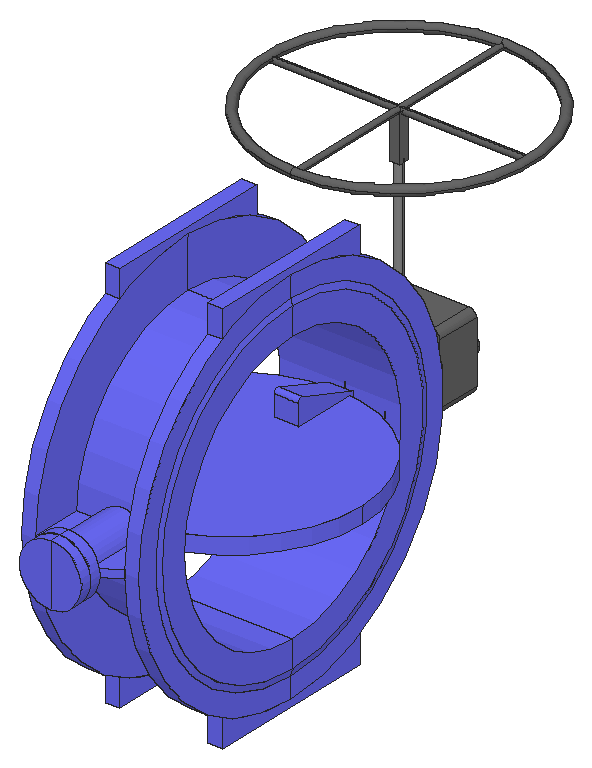
Revit family "756-218-005 DN150-600", category Pipe Accessories, Revit 2022
Family settings
  Round Connector Dimension = Use Diameter
  Part Type = Valve - Breaks Into
  Work Plane-Based = No
  Always vertical = Yes
  Cut with Voids When Loaded = No
  Shared = No
Parameters (values of type "DN600_PN16")
  total_dik_Dia = size_lookup(Search_table, "total_dik_Dia", 0 mm, DN)  # 583 mm
  shaft_path = (D / 2) - Handwheel_dim2  # 290.308 mm
  raised_R1 = Raised_R * 1.04  # 374.4 mm
  location = (L / 2) * 0.3  # 40.05 mm
  handwheel_dim1 = Handwheet_shaft * 0.7  # 6.168 mm
  gearbox_dim2 = Gearbox_Sitting_OD / 2.5  # 35.244 mm
  dist_Extr = L * 0.1  # 26.7 mm
  disk_dim4 = Disk_T * 1.2  # 21.6 mm
  disk_dim3 = disk_dim2 * 0.3  # 18.9 mm
  disk_dim2 = Disk_T * 3.5  # 63 mm
  disk_dim1 = Bore / 2  # 150.025 mm
  W55 = W5 * 0.8  # 368.8 mm
  W5 = size_lookup(Search_table, "W5", 0 mm, DN)  # 461 mm
  W4 = size_lookup(Search_table, "W4", 0 mm, DN)  # 518 mm
  W3 = size_lookup(Search_table, "W3", 0 mm, DN)  # 512 mm
  W23 = W22 * 0.9  # 422.64 mm
  W22 = W2 * 0.8  # 469.6 mm
  W2-W22 = (W2 - W22) / 2  # 58.7 mm
  W2 = size_lookup(Search_table, "W2", 0 mm, DN)  # 587 mm
  W11 = W1 * 0.95  # 413.25 mm
  W1 = size_lookup(Search_table, "W1", 0 mm, DN)  # 435 mm
  URL_product_page = "https://www.avkvalves.com/P.aspx?no=7560150214018014"
  Thickness = Fillet * 0.6  # 9.516 mm
  Rib_dim2 = Rib_dim1 * 0.7  # 132.3 mm
  Rib_dim1 = OD * 0.45  # 189 mm
  Rib_H = OD * 1.1  # 462 mm
  Raised_dis = size_lookup(Search_table, "Raised_dis", 0 mm, DN)  # 4 mm
  Raised_R = size_lookup(Search_table, "Raised_R", 0 mm, DN) / 2  # 360 mm
  OD = size_lookup(Search_table, "OD", 0 mm, DN) / 2  # 420 mm
  Location1 = location * 1.35  # 54.068 mm
  L2+(L/2) = L2 + (L / 2)  # 294.5 mm
  L2 = size_lookup(Search_table, "L2", 0 mm, DN)  # 161 mm
  L1+L/2 = L1 + (L / 2)  # 288.5 mm
  L1+(L/2) = size_lookup(Search_table, "L1+L", 0 mm, DN)  # 484 mm
  L1 = size_lookup(Search_table, "L1", 0 mm, DN)  # 155 mm
  L/2 = L / 2  # 133.5 mm
  L = size_lookup(Search_table, "L", 0 mm, DN)  # 267 mm
  Handwheet_shaft = gearbox_dim2 * 0.25  # 8.811 mm
  Handwheel_dim2 = Handwheet_shaft * 1.1  # 9.692 mm
  H22 = H2 * 0.9  # 451.8 mm
  H2-H22 = H2 - H22 / 2  # 276.1 mm
  H2 = size_lookup(Search_table, "H2", 0 mm, DN)  # 502 mm
  Gearbox_od = Gearbox_Sitting_OD * 0.95  # 83.704 mm
  Gearbox_dim1 = (W2 - W22) * 0.15  # 17.61 mm
  Gearbox_Sitting_shaft = Gearbox_Sitting_OD * 0.55  # 48.461 mm
  Gearbox_Sitting_OD = L * 0.33  # 88.11 mm
  Fillet = Gearbox_Sitting_OD * 0.18  # 15.86 mm
  FL_T = size_lookup(Search_table, "FL_T", 0 mm, DN)  # 36 mm
  Disk_T1 = size_lookup(Search_table, "Disk_T1", 0 mm, DN)  # 18 mm
  Disk_T = size_lookup(Search_table, "Disk_T", 0 mm, DN)  # 18 mm
  Description_ = "AVK DOUBLE ECC. BUTTERFLY VALVE, SHORT, PN10/16"
  Default Elevation = 0 mm
  DN600_PN16 = "756-0600-2-14018014"
  DN600_PN10 = "756-0600-2-04018014"
  DN500_PN16 = "756-0500-2-14018014"
  DN500_PN10 = "756-0500-2-04018014"
  DN450_PN16 = "756-0450-2-14018014"
  DN450_PN10 = "756-0450-2-04018014"
  DN400_PN16 = "756-0400-2-14018014"
  DN400_PN10 = "756-0400-2-04018014"
  DN350_PN16 = "756-0350-2-14018014"
  DN350_PN10 = "756-0350-2-04018014"
  DN300_PN16 = "756-0300-2-14018014"
  DN300_PN10 = "756-0300-2-04018014"
  DN250_PN16 = "756-0250-2-14018014"
  DN250_PN10 = "756-0250-2-04018014"
  DN200_PN16 = "756-0200-2-14018014"
  DN200_PN10 = "756-0200-2-04018014"
  DN150_PN16 = "756-0150-2-14018014"
  DN = 600.1 mm
  Search_table = "756-218-005 DN150-600"
  D/2 = D / 2  # 300 mm
  D = size_lookup(Search_table, "D", 0 mm, DN)  # 600 mm
  Bore = DN / 2  # 300.05 mm
  82 = 84.404 mm
  40 = 40 mm  # constant formula
  3 = 3 mm  # constant formula
  20 = 20 mm  # constant formula
  2 = 2 mm  # constant formula
  15 = 15 mm  # constant formula
  10 = 10 mm  # constant formula
  1 = 1 mm  # constant formula
Types (18, lengths in mm): name | total_dik_Dia | shaft_path | raised_R1 | location | handwheel_dim1 | gearbox_dim2 | dist_Extr | disk_dim4 | disk_dim3 | disk_dim2 | disk_dim1 | W55 | W5 | W4 | W3 | W23 | W22 | W2-W22 | W2 | W11 | W1 | Thickness | Rib_dim2 | Rib_dim1 | Rib_H | Raised_dis | Raised_R | OD | Location1 | L2+(L/2) | L2 | L1+L/2 | L1+(L/2) | L1 | L/2 | L | Handwheet_shaft | Handwheel_dim2 | H22 | H2-H22 | H2 | Gearbox_od | Gearbox_dim1 | Gearbox_Sitting_shaft | Gearbox_Sitting_OD | Fillet | FL_T | Disk_T1 | Disk_T | DN | D/2 | D | Bore
  (no name) | 583 | 290.308 | 374.4 | 40.05 | 6.168 | 35.244 | 26.7 | 21.6 | 18.9 | 63 | 150.025 | 368.8 | 461 | 518 | 512 | 422.64 | 469.6 | 58.7 | 587 | 413.25 | 435 | 9.516 | 132.3 | 189 | 462 | 4 | 360 | 420 | 54.068 | 294.5 | 161 | 288.5 | 484 | 155 | 133.5 | 267 | 8.811 | 9.692 | 451.8 | 276.1 | 502 | 83.704 | 17.61 | 48.461 | 88.11 | 15.86 | 36 | 18 | 18 | 600.1 | 300 | 600 | 300.05
  DN150_PN16 | 147 | 119.918 | 109.72 | 21 | 3.234 | 18.48 | 14 | 7.2 | 6.3 | 21 | 37.5 | 220.8 | 276 | 60 | 17 | 189.36 | 210.4 | 26.3 | 263 | 147.25 | 155 | 4.99 | 44.887 | 64.125 | 156.75 | 3 | 105.5 | 142.5 | 28.35 | 76.5 | 6.5 | 70.5 | 210 | 0.5 | 70 | 140 | 4.62 | 5.082 | 180.9 | 110.55 | 201 | 43.89 | 7.89 | 25.41 | 46.2 | 8.316 | 19 | 6 | 6 | 150 | 125 | 250 | 75
  DN200_PN10 | 192 | 119.482 | 138.32 | 22.8 | 3.511 | 20.064 | 15.2 | 12 | 10.5 | 35 | 50 | 220.8 | 276 | 130 | 104 | 206.64 | 229.6 | 28.7 | 287 | 172.9 | 182 | 5.417 | 53.55 | 76.5 | 187 | 3 | 133 | 170 | 30.78 | 101 | 25 | 91 | 230 | 15 | 76 | 152 | 5.016 | 5.518 | 204.3 | 124.85 | 227 | 47.652 | 8.61 | 27.588 | 50.16 | 9.029 | 20 | 6 | 10 | 200 | 125 | 250 | 100
  DN200_PN16 | 192 | 119.482 | 138.32 | 22.8 | 3.511 | 20.064 | 15.2 | 12 | 10.5 | 35 | 50.025 | 220.8 | 276 | 130 | 104 | 206.64 | 229.6 | 28.7 | 287 | 172.9 | 182 | 5.417 | 53.55 | 76.5 | 187 | 3 | 133 | 170 | 30.78 | 101 | 25 | 91 | 230 | 15 | 76 | 152 | 5.016 | 5.518 | 204.3 | 124.85 | 227 | 47.652 | 8.61 | 27.588 | 50.16 | 9.029 | 20 | 7 | 10 | 200.1 | 125 | 250 | 100.05
  DN250_PN10 | 243 | 119.011 | 165.88 | 24.75 | 3.812 | 21.78 | 16.5 | 13.2 | 11.55 | 38.5 | 62.5 | 220.8 | 276 | 181 | 162 | 231.12 | 256.8 | 32.1 | 321 | 204.25 | 215 | 5.881 | 62.212 | 88.875 | 217.25 | 3 | 159.5 | 197.5 | 33.413 | 126.5 | 44 | 116.5 | 250 | 34 | 82.5 | 165 | 5.445 | 5.99 | 234.9 | 143.55 | 261 | 51.727 | 9.63 | 29.948 | 54.45 | 9.801 | 22 | 11 | 11 | 250 | 125 | 250 | 125
  DN250_PN16 | 243 | 119.011 | 165.88 | 24.75 | 3.812 | 21.78 | 16.5 | 13.2 | 11.55 | 38.5 | 62.525 | 220.8 | 276 | 181 | 162 | 231.12 | 256.8 | 32.1 | 321 | 204.25 | 215 | 5.881 | 63.788 | 91.125 | 222.75 | 3 | 159.5 | 202.5 | 33.413 | 126.5 | 44 | 116.5 | 250 | 34 | 82.5 | 165 | 5.445 | 5.99 | 234.9 | 143.55 | 261 | 51.727 | 9.63 | 29.948 | 54.45 | 9.801 | 22 | 11 | 11 | 250.1 | 125 | 250 | 125.05
  DN300_PN10 | 283 | 118.539 | 192.4 | 26.7 | 4.112 | 23.496 | 17.8 | 15 | 13.125 | 43.75 | 75 | 220.8 | 276 | 227 | 209 | 253.44 | 281.6 | 35.2 | 352 | 229.9 | 242 | 6.344 | 70.088 | 100.125 | 244.75 | 4 | 185 | 222.5 | 36.045 | 147 | 58 | 136 | 271 | 47 | 89 | 178 | 5.874 | 6.461 | 262.8 | 160.6 | 292 | 55.803 | 10.56 | 32.307 | 58.74 | 10.573 | 25 | 12.5 | 12.5 | 300 | 125 | 250 | 150
  DN300_PN16 | 283 | 193.539 | 192.4 | 26.7 | 4.112 | 23.496 | 17.8 | 15 | 13.125 | 43.75 | 75.025 | 244.8 | 306 | 227 | 209 | 257.76 | 286.4 | 35.8 | 358 | 229.9 | 242 | 6.344 | 72.45 | 103.5 | 253 | 4 | 185 | 230 | 36.045 | 147 | 58 | 136 | 271 | 47 | 89 | 178 | 5.874 | 6.461 | 262.8 | 160.6 | 292 | 55.803 | 10.74 | 32.307 | 58.74 | 10.573 | 25 | 12.5 | 12.5 | 300.1 | 200 | 400 | 150.05
  DN350_PN10 | 332 | 118.103 | 223.08 | 28.5 | 4.389 | 25.08 | 19 | 15 | 13.125 | 43.75 | 87.5 | 220.8 | 276 | 274 | 266 | 272.16 | 302.4 | 37.8 | 378 | 258.4 | 272 | 6.772 | 79.538 | 113.625 | 277.75 | 4 | 214.5 | 252.5 | 38.475 | 169 | 74 | 163 | 310 | 68 | 95 | 190 | 6.27 | 6.897 | 286.2 | 174.9 | 318 | 59.565 | 11.34 | 34.485 | 62.7 | 11.286 | 25 | 12.5 | 12.5 | 350 | 125 | 250 | 175
  DN350_PN16 | 332 | 193.103 | 223.08 | 28.5 | 4.389 | 25.08 | 19 | 16.2 | 14.175 | 47.25 | 87.525 | 244.8 | 306 | 274 | 266 | 275.04 | 305.6 | 38.2 | 382 | 258.4 | 272 | 6.772 | 81.9 | 117 | 286 | 4 | 214.5 | 260 | 38.475 | 169 | 74 | 163 | 310 | 68 | 95 | 190 | 6.27 | 6.897 | 286.2 | 174.9 | 318 | 59.565 | 11.46 | 34.485 | 62.7 | 11.286 | 27 | 13.5 | 13.5 | 350.1 | 200 | 400 | 175.05
  DN400_PN10 | 384 | 192.159 | 249.6 | 32.4 | 4.99 | 28.512 | 21.6 | 15 | 13.125 | 43.75 | 100 | 244.8 | 306 | 320 | 313 | 297.36 | 330.4 | 41.3 | 413 | 286.9 | 302 | 7.698 | 88.987 | 127.125 | 310.75 | 4 | 240 | 282.5 | 43.74 | 195 | 87 | 189 | 345 | 81 | 108 | 216 | 7.128 | 7.841 | 314.1 | 191.95 | 349 | 67.716 | 12.39 | 39.204 | 71.28 | 12.83 | 25 | 12.5 | 12.5 | 400 | 200 | 400 | 200
  DN400_PN16 | 384 | 192.159 | 249.6 | 32.4 | 4.99 | 28.512 | 21.6 | 16.8 | 14.7 | 49 | 100.025 | 244.8 | 306 | 320 | 313 | 297.36 | 330.4 | 41.3 | 413 | 286.9 | 302 | 7.698 | 91.35 | 130.5 | 319 | 4 | 240 | 290 | 43.74 | 195 | 87 | 189 | 345 | 81 | 108 | 216 | 7.128 | 7.841 | 314.1 | 191.95 | 349 | 67.716 | 12.39 | 39.204 | 71.28 | 12.83 | 28 | 14 | 14 | 400.1 | 200 | 400 | 200.05
  DN450_PN10 | 432 | 191.941 | 275.6 | 33.3 | 5.128 | 29.304 | 22.2 | 15.6 | 13.65 | 45.5 | 112.5 | 244.8 | 306 | 374 | 365 | 324.72 | 360.8 | 45.1 | 451 | 315.4 | 332 | 7.912 | 96.863 | 138.375 | 338.25 | 4 | 265 | 307.5 | 44.955 | 219 | 108 | 213 | 378 | 102 | 111 | 222 | 7.326 | 8.059 | 351 | 214.5 | 390 | 69.597 | 13.53 | 40.293 | 73.26 | 13.187 | 26 | 13 | 13 | 450 | 200 | 400 | 225
  DN450_PN16 | 432 | 241.941 | 284.96 | 33.3 | 5.128 | 29.304 | 22.2 | 18 | 15.75 | 52.5 | 112.525 | 332.8 | 416 | 374 | 365 | 330.48 | 367.2 | 45.9 | 459 | 315.4 | 332 | 7.912 | 100.8 | 144 | 352 | 4 | 274 | 320 | 44.955 | 219 | 108 | 213 | 378 | 102 | 111 | 222 | 7.326 | 8.059 | 351 | 214.5 | 390 | 69.597 | 13.77 | 40.293 | 73.26 | 13.187 | 30 | 15 | 15 | 450.1 | 250 | 500 | 225.05
  DN500_PN10 | 483 | 191.687 | 302.64 | 34.35 | 5.29 | 30.228 | 22.9 | 16.2 | 14.175 | 47.25 | 125 | 244.8 | 306 | 428 | 422 | 344.88 | 383.2 | 47.9 | 479 | 321.1 | 338 | 8.162 | 105.525 | 150.75 | 368.5 | 4 | 291 | 335 | 46.373 | 244.5 | 130 | 238.5 | 413 | 124 | 114.5 | 229 | 7.557 | 8.313 | 375.3 | 229.35 | 417 | 71.791 | 14.37 | 41.564 | 75.57 | 13.603 | 27 | 13.5 | 13.5 | 500 | 200 | 400 | 250
  DN500_PN16 | 483 | 241.687 | 316.68 | 34.35 | 5.29 | 30.228 | 22.9 | 19.2 | 16.8 | 56 | 125.025 | 332.8 | 416 | 428 | 422 | 357.12 | 396.8 | 49.6 | 496 | 351.5 | 370 | 8.162 | 112.612 | 160.875 | 393.25 | 4 | 304.5 | 357.5 | 46.373 | 244.5 | 130 | 238.5 | 413 | 124 | 114.5 | 229 | 7.557 | 8.313 | 384.3 | 234.85 | 427 | 71.791 | 14.88 | 41.564 | 75.57 | 13.603 | 32 | 16 | 16 | 500.1 | 250 | 500 | 250.05
  DN600_PN10 | 583 | 240.308 | 354.64 | 40.05 | 6.168 | 35.244 | 26.7 | 18 | 15.75 | 52.5 | 150 | 332.8 | 416 | 518 | 512 | 393.12 | 436.8 | 54.6 | 546 | 373.35 | 393 | 9.516 | 122.85 | 175.5 | 429 | 4 | 341 | 390 | 54.068 | 294.5 | 161 | 288.5 | 484 | 155 | 133.5 | 267 | 8.811 | 9.692 | 428.4 | 261.8 | 476 | 83.704 | 16.38 | 48.461 | 88.11 | 15.86 | 30 | 15 | 15 | 600 | 250 | 500 | 300
  DN600_PN16 | 583 | 290.308 | 374.4 | 40.05 | 6.168 | 35.244 | 26.7 | 21.6 | 18.9 | 63 | 150.025 | 368.8 | 461 | 518 | 512 | 422.64 | 469.6 | 58.7 | 587 | 413.25 | 435 | 9.516 | 132.3 | 189 | 462 | 4 | 360 | 420 | 54.068 | 294.5 | 161 | 288.5 | 484 | 155 | 133.5 | 267 | 8.811 | 9.692 | 451.8 | 276.1 | 502 | 83.704 | 17.61 | 48.461 | 88.11 | 15.86 | 36 | 18 | 18 | 600.1 | 300 | 600 | 300.05
Reference planes
  plane 1 "Center (Front/Back)": y = 0
  plane 2: z = 0
  plane 3 "Center (Left/Right)": x = 0
  plane 4: z = 300.05
  plane 5: z = -300.05
  plane 6: y = 200
  plane 7: y = -200
  plane 8: x = -133.5
  plane 9: x = 133.5
  plane 10: z = 48.461
  plane 11: y = 587
  plane 12: y = 469.6
  plane 13: y = -300.05
  plane 14: y = 300.05
  plane 15: y = -451.8
  plane 16: y = -502
  plane 17: z = 48.461
  plane 18: y = -476.9
  plane 19: z = 88.11
  plane 20: y = -502
  plane 21: z = 461
  plane 22: z = 368.8
  plane 23: y = 528.3
  plane 24: x = -54.067
  plane 25: y = 537.111
  plane 26: x = -62.878
  plane 27: z = 435
  plane 28: y = 828.3
  plane 29: z = 462
  plane 30: z = 96.01
  plane 31: x = -88.11
  plane 32: x = 91
  plane 33: y = 256
  plane 34: y = -256
  plane 35: y = 259
  plane 36: y = -259
  plane 37: x = -294.5
  plane 38: x = 288.5
  plane 39: z = 300.05
  plane 40: z = 310.05
  plane 41: x = -354.067
  plane 42: x = 245.933
  plane 43: x = 288.5
  plane 44: x = -294.5
Forms (mm)
  Revolve 1, solid, material "Default"
    sketch origin (0, 0, 0) x (1, 0, 0) y (0, 0, 1)
      loop
        line (-133.5, 300.05) -> (133.5, 300.05) -> (133.5, 360) -> (129.5, 374.4) -> (129.5, 420) -> (97.5, 420) -> (97.5, 310.05) -> (-97.5, 310.05) -> (-97.5, 420) -> (-129.5, 420) -> (-129.5, 374.4) -> (-133.5, 360) -> (-133.5, 300.05)
      axis (-133.5, 0) -> (133.5, 0)
    angle from 0 to 360
  Extrusion 2, solid, material "Default"
    sketch origin (0, 0, 0) x (0, 1, 0) y (0, 0, 1)
      loop
        line (189, 375.072) -> (189, 435) -> (-189, 435) -> (-189, 375.072)
        arc (-189, 375.072) -> (-97.132, 408.614) -> (0.003, 420) r 420
        arc (0.003, 420) -> (97.135, 408.613) -> (189, 375.072) r 420
      loop
        arc (189, -375.072) -> (97.128, -408.615) -> (-0.012, -420) r 420
        arc (-0.012, -420) -> (-97.139, -408.612) -> (-189, -375.072) r 420
        line (-189, -375.072) -> (-189, -435) -> (189, -435) -> (189, -375.072)
    from 97.5 to 129.5
  Extrusion 3, solid, material "Default"
    sketch origin (0, 0, 0) x (0, 1, 0) y (0, 0, 1)
      loop
        line (189, 375.072) -> (189, 435) -> (-189, 435) -> (-189, 375.072)
        arc (-189, 375.072) -> (-97.133, 408.614) -> (0, 420) r 420
        arc (0, 420) -> (97.133, 408.614) -> (189, 375.072) r 420
      loop
        line (189, -435) -> (189, -375.072)
        arc (189, -375.072) -> (97.133, -408.614) -> (0, -420) r 420
        arc (0, -420) -> (-97.133, -408.614) -> (-189, -375.072) r 420
        line (-189, -375.072) -> (-189, -435) -> (189, -435)
    from -129.5 to -97.5
  Revolve 4, solid, material "Default"
    sketch origin (0, 0, 0) x (0, 1, 0) y (0, 0, 1)
      loop
        line (300.05, 0) -> (469.6, 0) -> (469.6, 88.11) -> (422.64, 88.11) -> (422.64, 48.461) -> (300.05, 48.461) -> (300.05, 0)
      axis (469.6, 0) -> (300.05, 0)
    angle from 0 to 360
  Extrusion 5, solid, material "Default Roof"
    sketch origin (0, 0, 0) x (1, 0, 0) y (0, 0, 1)
      loop
        arc (-67.845, 83.704) -> (-79.059, 79.059) -> (-83.704, 67.845) r 15.86
        line (-83.704, 67.845) -> (-83.704, -67.845)
        arc (-83.704, -67.845) -> (-79.059, -79.059) -> (-67.845, -83.704) r 15.86
        line (-67.845, -83.704) -> (67.845, -83.704)
        arc (67.845, -83.704) -> (79.059, -79.059) -> (83.704, -67.845) r 15.86
        line (83.704, -67.845) -> (83.704, 67.845)
        arc (83.704, 67.845) -> (79.059, 79.059) -> (67.845, 83.704) r 15.86
        line (67.845, 83.704) -> (-67.845, 83.704)
    from -569.39 to -469.6
  Extrusion 6, solid, material "Default"
    sketch origin (0, 0, 0) x (1, 0, 0) y (0, 1, 0)
      loop
        line (-97.5, 420) -> (-97.5, 300.05) -> (97.5, 300.05) -> (97.5, 420) -> (35.244, 459.6) -> (-35.244, 459.6) -> (-97.5, 420)
      loop
        line (-97.5, -300.05) -> (-97.5, -420) -> (-48.461, -451.8) -> (48.461, -451.8) -> (97.5, -420) -> (97.5, -300.05) -> (-97.5, -300.05)
    from -9.516 to 9.516
  Extrusion 7, solid, material "Default"
    sketch origin (0, 0, 0) x (0, 1, 0) y (0, 0, 1)
      loop
        line (459.6, 57.976) -> (300.05, 57.976) -> (300.05, -57.976) -> (459.6, -57.976) -> (459.6, 57.976)
    from -9.516 to 9.516
  Extrusion 8, solid, material "Default Roof"
    sketch origin (0, 0, 0) x (1, 0, 0) y (0, 0, 1)
      loop
        circle (40.05, 0) r 35.244
    from -587 to -569.39
  Extrusion 9, solid, material "Default"
    sketch origin (0, 0, 0) x (1, 0, 0) y (0, 0, 1)
      loop
        circle (0, 0) r 48.461
    from 300.05 to 451.8
  Revolve 10, solid, material "Default"
    sketch origin (0, 0, 0) x (0, 1, 0) y (0, 0, 1)
      loop
        line (-451.8, 0) -> (-451.8, 68.11) -> (-475.9, 68.11) -> (-475.9, 45.944) -> (-477.9, 45.944) -> (-477.9, 68.11) -> (-502, 68.11) -> (-502, 0) -> (-451.8, 0)
      axis (-451.8, 0) -> (-502, 0)
    angle from 0 to 360
  Extrusion 11, solid, material "Poche"
    sketch origin (0, 0, 0) x (1, 0, 0) y (0, 1, 0)
      loop
        circle (-54.068, 528.3) r 8.811
    from 0 to 368.8
  Extrusion 12, solid, material "Default Roof"
    sketch origin (0, 0, 0) x (1, 0, 0) y (0, 1, 0)
      loop
        line (-64.878, 539.111) -> (-64.878, 517.489) -> (-43.257, 517.489) -> (-43.257, 539.111) -> (-64.878, 539.111)
    from 348.8 to 451.308
  Extrusion 13, solid, material "Default Roof"
    sketch origin (-50.625, -1524, 765.636) x (0, 0, 1) y (0, -1, 0)
      loop
        circle (-314.328, -2052.3) r 6.168
    from -293.75 to 286.865
  Sweep 14, solid, material "Default Roof"
    path origin (0, 736.507, 461) x (0, 1, 0) y (-1, 0, 0)
      loop
        circle (-208.207, 54.067) r 290.308
    profile origin (-344.375, 528.3, 461) x (1, 0, 0) y (0, 0, 1)
      loop
        circle (0, -8.316) r 9.692
  Extrusion 15, solid, material "Default Roof"
    sketch origin (-543.425, 528.3, 1200) x (-1, 0, 0) y (0, 0, 1)
      loop
        circle (-489.357, -748.692) r 6.168
    from -290.308 to 290.308
  Extrusion 16, solid, material "Default"
    sketch origin (0, 0, 0) x (1, 0, 0) y (0, 1, 0)
      loop
        circle (-3, 0) r 291.5
    from -18 to 18
  Extrusion 17, solid, material "Default"
    sketch origin (0, 0, 0) x (0, 1, 0) y (0, 0, 1)
      loop
        line (300.05, -18.9) -> (300.05, 21.6) -> (162.084, 71.464)
        arc (162.084, 71.464) -> (153.855, 70.367) -> (150.025, 63) r 9
        line (150.025, 63) -> (150.025, -18.9) -> (300.05, -18.9)
      loop
        line (-300.05, -18.9) -> (-150.025, -18.9) -> (-150.025, 63)
        arc (-150.025, 63) -> (-153.855, 70.367) -> (-162.084, 71.464) r 9
        line (-162.084, 71.464) -> (-300.05, 21.6) -> (-300.05, -18.9)
    from -26.7 to 26.7
Dimensions and locks
  equal spacing: plane 4, level, plane 5
  equal spacing: plane 6, plane 1 "Center (Front/Back)", plane 7
  "Bore": plane 4 to level
  plane 9 to plane 3 "Center (Left/Right)" to plane 8 = 133.5 mm, 133.5 mm
  "L": plane 9 to plane 8
  "Raised_R": Revolve 1 sketch curve to level  (x2)
  "Raised_dis": Revolve 1 sketch curve to plane 8
  "Raised_dis": plane 9 to Revolve 1 sketch curve
  "10": Revolve 1 sketch curve to plane 4
  "Raised_dis": plane 9 to Extrusion 2
  "FL_T": plane 9 to Extrusion 2
  "FL_T": Revolve 1 sketch curve to plane 8
  equal spacing: Revolve 1 sketch curve, plane 3 "Center (Left/Right)", Revolve 1 sketch curve
  "Raised_dis": Extrusion 3 to plane 8
  "FL_T": Extrusion 3 to plane 8
  "Bore": Revolve 4 sketch curve to plane 1 "Center (Front/Back)"
  "W22": Revolve 4 sketch curve to plane 1 "Center (Front/Back)"
  "Gearbox_Sitting_OD": Revolve 4 sketch curve to level
  "W23": Revolve 4 sketch curve to plane 1 "Center (Front/Back)"
  "Gearbox_Sitting_shaft": Revolve 4 sketch curve to level
  equal spacing: Extrusion 5 sketch curve, plane 3 "Center (Left/Right)", Extrusion 5 sketch curve
  equal spacing: Extrusion 5 sketch curve, level, Extrusion 5 sketch curve
  "W22": Extrusion 5 to plane 1 "Center (Front/Back)"
  "Gearbox_od": Extrusion 5 sketch curve to plane 3 "Center (Left/Right)"
  "Gearbox_od": Extrusion 5 sketch curve to level
  equal spacing: Extrusion 6 sketch curve, plane 3 "Center (Left/Right)", Extrusion 6 sketch curve  (x4)
  "Bore": plane 1 "Center (Front/Back)" to Extrusion 6 sketch curve
  equal spacing: Extrusion 6, level, Extrusion 6
  "Thickness": level to Extrusion 6
  "Bore": Extrusion 7 sketch curve to plane 1 "Center (Front/Back)"
  equal spacing: Extrusion 7 sketch curve, level, Extrusion 7 sketch curve
  "Gearbox_Sitting_shaft": plane 10 to level
  "Thickness": Extrusion 7 sketch curve to plane 10
  equal spacing: Extrusion 7, plane 3 "Center (Left/Right)", Extrusion 7
  "Thickness": plane 3 "Center (Left/Right)" to Extrusion 7
  "W2": plane 11 to plane 1 "Center (Front/Back)"
  "Gearbox_dim1": plane 11 to Extrusion 5
  "W22": plane 12 to plane 1 "Center (Front/Back)"
  "10": Extrusion 6 sketch curve to plane 12
  "gearbox_dim2": Extrusion 6 sketch curve to plane 3 "Center (Left/Right)"
  "10": plane 12 to Extrusion 7 sketch curve
  equal spacing: Extrusion 9 sketch curve, plane 3 "Center (Left/Right)", Extrusion 9 sketch curve
  equal spacing: Extrusion 9 sketch curve, level, Extrusion 9 sketch curve
  equal spacing: plane 13, plane 1 "Center (Front/Back)", plane 14
  "Bore": plane 13 to plane 1 "Center (Front/Back)"
  "H22": plane 15 to plane 1 "Center (Front/Back)"
  "H2": plane 16 to plane 1 "Center (Front/Back)"
  "Gearbox_Sitting_shaft": plane 17 to level
  equal spacing: plane 16, plane 18, plane 15
  equal spacing: Revolve 10 sketch curve, plane 18, Revolve 10 sketch curve
  "Gearbox_Sitting_OD": plane 19 to level
  "20": plane 19 to Revolve 10 sketch curve
  "1": Revolve 10 sketch curve to plane 18
  "H2": plane 20 to plane 1 "Center (Front/Back)"
  "location": Extrusion 8 sketch curve to plane 3 "Center (Left/Right)"
  equal spacing: Extrusion 8 sketch curve, level, Extrusion 8 sketch curve
  "Location1": Extrusion 11 sketch curve to plane 3 "Center (Left/Right)"
  "W2-W22": Extrusion 11 sketch curve to plane 11
  "W5": plane 21 to level
  "W55": plane 22 to level
  equal spacing: plane 12, plane 23, plane 11
  "Location1": plane 24 to plane 3 "Center (Left/Right)"
  equal spacing: Extrusion 12 sketch curve, plane 24, Extrusion 12 sketch curve
  equal spacing: Extrusion 12 sketch curve, plane 23, Extrusion 12 sketch curve
  "20": plane 22 to Extrusion 12
  "Handwheet_shaft": plane 26 to plane 24
  "Handwheet_shaft": plane 25 to plane 23
  "2": Extrusion 12 sketch curve to plane 25
  "2": Extrusion 12 sketch curve to plane 26
  "raised_R1": Revolve 1 sketch curve to level  (x2)
  "W1": plane 27 to level
  "shaft_path": plane 24 to Extrusion 13
  "shaft_path": Extrusion 13 to plane 24
  "Handwheel_dim2": plane 21 to Extrusion 13 sketch curve
  "D/2": plane 28 to plane 23
  equal spacing: Sweep 14 sketch curve, plane 24, Sweep 14 sketch curve
  equal spacing: Sweep 14 sketch curve, plane 23, Sweep 14 sketch curve
  "shaft_path": plane 24 to Sweep 14 sketch curve
  equal spacing: Extrusion 13 sketch curve, plane 23, Extrusion 13 sketch curve
  "Handwheel_dim2": plane 21 to Extrusion 12
  equal spacing: Extrusion 15 sketch curve, plane 24, Extrusion 15 sketch curve
  "Handwheel_dim2": plane 21 to Extrusion 15 sketch curve
  "shaft_path": Extrusion 15 to plane 23
  "shaft_path": plane 23 to Extrusion 15
  "Rib_H": plane 29 to level
  "W1": Extrusion 2 to level
  "W1": level to Extrusion 2
  "W1": level to Extrusion 3 sketch curve
  "W1": Extrusion 3 sketch curve to level
  "FL_T": plane 8 to Extrusion 6 sketch curve  (x2)
  "OD": Extrusion 6 sketch curve to plane 1 "Center (Front/Back)"  (x2)
  "Gearbox_Sitting_OD": plane 31 to plane 3 "Center (Left/Right)"
  equal spacing: Extrusion 3 sketch curve, plane 1 "Center (Front/Back)", Extrusion 3 sketch curve  (x2)
  "Rib_dim1": Extrusion 3 sketch curve to plane 1 "Center (Front/Back)"  (x2)
  "Disk_T": Extrusion 16 to level
  equal spacing: plane 34, plane 1 "Center (Front/Back)", plane 33
  "W3": plane 33 to plane 34
  equal spacing: plane 36, plane 1 "Center (Front/Back)", plane 35
  "W4": plane 35 to plane 36
  "L2+(L/2)": plane 37 to plane 3 "Center (Left/Right)"
  "L1+L/2": plane 3 "Center (Left/Right)" to plane 38
  "Disk_T": level to Extrusion 16
  "disk_dim1": Extrusion 17 sketch curve to plane 1 "Center (Front/Back)"
  equal spacing: Extrusion 17 sketch curve, plane 1 "Center (Front/Back)", Extrusion 17 sketch curve  (x2)
  "Bore": Extrusion 17 sketch curve to plane 1 "Center (Front/Back)"
  "disk_dim4": Extrusion 17 sketch curve to level  (x2)
  "disk_dim2": Extrusion 17 sketch curve to level  (x2)
  equal spacing: Extrusion 17, plane 3 "Center (Left/Right)", Extrusion 17
  "dist_Extr": plane 3 "Center (Left/Right)" to Extrusion 17
  "Bore": Extrusion 6 sketch curve to plane 1 "Center (Front/Back)"
  "disk_dim3": level to Extrusion 17 sketch curve
  "Bore": plane 39 to level
  "10": plane 40 to plane 39
  equal spacing: plane 9, plane 3 "Center (Left/Right)", plane 8
  "OD": Revolve 1 sketch curve to level
  "10": plane 1 "Center (Front/Back)" to nested 1
  equal spacing: Extrusion 2 sketch curve, plane 1 "Center (Front/Back)", Extrusion 2 sketch curve
  "Rib_dim1": Extrusion 2 sketch curve to plane 1 "Center (Front/Back)"
  "D/2": plane 41 to plane 24
  "D/2": plane 24 to plane 42
  plane 41 to plane 42 = 600 mm
  "L2": plane 44 to plane 8
  "L1": plane 9 to plane 43
  plane 8 to plane 9 = 267 mm  (x2)
  plane 1 "Center (Front/Back)" to plane 20 = 502 mm
  plane 1 "Center (Front/Back)" to plane 11 = 587 mm
  "L2": Extrusion 16 sketch curve to plane 8
  equal spacing: Extrusion 16 sketch curve, plane 1 "Center (Front/Back)", Extrusion 16 sketch curve
  "OD": plane 1 "Center (Front/Back)" to Extrusion 6 sketch curve  (x2)
  "Gearbox_Sitting_shaft": Extrusion 6 sketch curve to plane 3 "Center (Left/Right)"
  plane 9 to plane 43 = 155 mm
  plane 44 to plane 8 = 161 mm
  plane 20 to plane 1 "Center (Front/Back)" = 502 mm
  "Fillet": radius of Extrusion 5 sketch curve  (x4)
  "gearbox_dim2": radius of Extrusion 8 sketch curve
  "Gearbox_Sitting_shaft": radius of Extrusion 9 sketch curve
  "Handwheet_shaft": radius of Extrusion 11 sketch curve
  "handwheel_dim1": radius of Extrusion 13 sketch curve
  "shaft_path": radius of Sweep 14 sketch curve
  "handwheel_dim1": radius of Extrusion 15 sketch curve
  "Handwheel_dim2": radius of Sweep 14 sketch curve
  "total_dik_Dia": diameter of Extrusion 16 sketch curve
  "Disk_T": diameter of Extrusion 17 sketch curve  (x2)
  aligned and locked: level to plane 2
  aligned and locked: Revolve 1 sketch curve to Revolve 1 sketch curve
  aligned and locked: Revolve 1 sketch curve to plane 4
  aligned and locked: Revolve 1 sketch curve to level
  aligned and locked: Extrusion 2 sketch curve to Revolve 1  (x4)
  aligned and locked: Extrusion 2 sketch curve to Extrusion 2 sketch curve  (x2)
  aligned and locked: Extrusion 3 sketch curve to Revolve 1  (x4)
  aligned and locked: level to Revolve 4 sketch curve
  aligned and locked: Revolve 4 sketch curve to level
  aligned and locked: Extrusion 8 to plane 11
  aligned and locked: Extrusion 8 to Extrusion 5
  aligned and locked: plane 13 to Extrusion 9
  aligned and locked: Revolve 10 sketch curve to level  (x2)
  aligned and locked: plane 15 to Revolve 10 sketch curve
  aligned and locked: Revolve 10 sketch curve to plane 16
  aligned and locked: Revolve 10 sketch curve to Revolve 10 sketch curve
  aligned and locked: Extrusion 11 to level
  aligned and locked: plane 22 to Extrusion 11
  aligned and locked: Extrusion 9 to plane 15
  aligned and locked: plane 15 to Extrusion 6 sketch curve
  aligned and locked: Extrusion 17 sketch curve to Extrusion 17 sketch curve
Automatic sketch dimensions
  Revolve 1 sketch curve to plane 8 = 0 mm
  Revolve 1 sketch curve to plane 9 = 0 mm
  plane 24 to Revolve 1 sketch curve = 8.808 mm
  plane 38 to Revolve 1 sketch curve = 0.065 mm
  Extrusion 2 sketch curve to plane 27 = 0 mm
  Extrusion 2 sketch curve to Extrusion 2 sketch curve = 59.928 mm
  plane 1 "Center (Front/Back)" to Extrusion 2 sketch curve = 0.012 mm
  Extrusion 2 sketch curve to plane 1 "Center (Front/Back)" = 0.003 mm
  Extrusion 3 sketch curve to Extrusion 3 sketch curve = 0 mm  (x2)
  Revolve 4 sketch curve to plane 14 = 5.599 mm
  plane 11 to Revolve 4 sketch curve = 13.049 mm
  Revolve 10 sketch curve to plane 17 = 2.516 mm
  Revolve 10 sketch curve to plane 16 = 38.768 mm
  Revolve 10 sketch curve to Revolve 10 sketch curve = 30 mm
  Sweep 14 sketch curve to plane 21 = 8.316 mm
Nested families
  nested 1: "logo medium-11" at (0, 18.594, 310.05), type "logo medium-11"
Connectors
  piping at (-133.5, 0, 0), diameter 600.1, driven by "DN"
    settings: on Revolve 1, index 1, connector inside diameter 609.6 mm, connector length 0 mm, flow factor 0, pipe flow 0.0 L/s, pressure drop 0.0 Pa, fitting loss kfactor 0, connector angle 0.00°, fixture units 0, engagement length 0 mm, angle of deflection 0.00°, flow configuration 0, flow direction 0, fitting loss method 0, system type 7, joint type 0, gender type 0, connector reference index -1, connector utility 0, adjustable connector no, is connector primary yes, connector description ""
  piping at (133.5, 0, 0), diameter 600.1, driven by "DN"
    settings: on Revolve 1, index 2, connector inside diameter 609.6 mm, connector length 0 mm, flow factor 0, pipe flow 0.0 L/s, pressure drop 0.0 Pa, fitting loss kfactor 0, connector angle 0.00°, fixture units 0, engagement length 0 mm, angle of deflection 0.00°, flow configuration 0, flow direction 0, fitting loss method 0, system type 7, joint type 0, gender type 0, connector reference index -1, connector utility 0, adjustable connector no, is connector primary no, connector description ""
Definition of nested family "logo medium-11"
  Parameters
    Default Elevation = 1219.2 mm
  Reference planes
    plane 1 "Center (Front/Back)": y = 0
    plane 2: z = 0
    plane 3 "Center (Left/Right)": x = 0
  Forms (mm)
    Extrusion 1, solid
      sketch origin (0, 0, 0) x (1, 0, 0) y (0, 1, 0)
        loop
          line (-1219.2, 1219.2) -> (-1219.2, -1219.2) -> (1219.2, -1219.2) -> (1219.2, 1219.2) -> (-1219.2, 1219.2)
      from 0 to -188.781
    Extrusion 2, solid
      sketch origin (0, 0, 0) x (1, 0, 0) y (0, 1, 0)
        loop
          line (-30.911, 14.607) -> (-12.952, 14.607) -> (-3.438, -8.594) -> (3.26, -8.594) -> (12.676, 14.607) -> (30.732, 14.607) -> (30.732, 20.529) -> (7.968, 20.529) -> (0, 0) -> (-8.195, 20.529) -> (-30.911, 20.529) -> (-30.911, 14.607)
        loop
          line (30.732, 6.453) -> (30.732, 12.569) -> (24.908, 12.569)
          arc (24.908, 12.569) -> (22.993, 7.075) -> (17.724, 4.608) r 7.492
          line (17.724, 4.608) -> (20.928, 12.569) -> (14.521, 12.569) -> (5.881, -8.594) -> (12.434, -8.594) -> (15.777, -0.405) -> (21.354, -8.594) -> (29.424, -8.594) -> (22.319, 0.649)
          arc (22.319, 0.649) -> (26.344, 2.972) -> (29.424, 6.453) r 14.456
          line (29.424, 6.453) -> (30.732, 6.453)
        loop
          line (-5.865, -8.594) -> (-14.796, 12.569) -> (-30.911, 12.569) -> (-30.911, 6.453) -> (-25.086, 6.453) -> (-30.911, -8.594) -> (-25.086, -8.594) -> (-23.728, -5.084) -> (-13.656, -5.084) -> (-12.175, -8.594) -> (-5.865, -8.594)
        loop
          line (-18.776, 7.618) -> (-21.494, 0) -> (-15.961, 0) -> (-18.776, 7.618)
      from 0 to 2
  Dimensions and locks
    aligned and locked: plane 2 to Extrusion 1
    aligned and locked: level to Extrusion 1
    aligned and locked: Extrusion 2 sketch curve to import instance  (x36)
